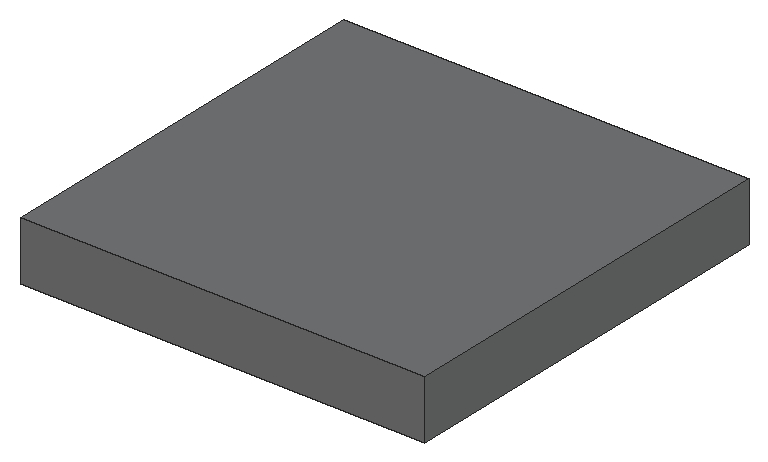
Revit family "Gira_027227", category Electrical Fixtures, host Face, Revit 2017
Family settings
  Host = Face
  Maintain Annotation Orientation = No
  Round Connector Dimension = Use Diameter
  Part Type = Normal
  Cut with Voids When Loaded = No
  Shared = No
  Room Calculation Point = No
Parameters (values of type "Abd. Tragring Geräte Ø 22,5 mm System 55 Reinweiß m")
  Zusammenstellung = "Zentralplatte"
  Werkstoffgüte = "sonstige"
  Werkstoff = "sonstige"
  Verwendung = "sonstige"
  URL = "http://katalog.gira.de/de_DE/datenblatt.html?artikelnr=027227"
  Transparent = "No"
  Tragring = "Yes"
  Region = "DE"
  RAL-Nummer (ähnlich) = "9010 "
  Oberfläche = "sonstige"
  Name = "Abd. Tragring Geräte Ø 22,5 mm System 55 Reinweiß m"
  Montageart = "unter Putz"
  Mit Zugentlastung = "No"
  Mit Staubschutz = "No"
  Mit Klappdeckel = "No"
  Mit Aufdruck = "No"
  Manufacturer URL = "https://www.gira.de/"
  Lüsterklemme = "No"
  Keynote = "Sys55_Abdeckung_Schalten und Tasten"
  HeinzeBIM = "https://bimportal.heinze.de/bim/abd-tragring-geraete-22-5-mm-system-55-reinweiss-m/b70757fe83e80d3b1673bbe0f7dc1953f93e2887"
  Halogenfrei = "Yes"
  HAN = "027227"
  Geeignet für Schutzart (IP) = "IP20"
  GTIN = "4010337272274"
  Farbe = "weiß"
  Default Elevation = 1219.2 mm
  Data sheet (1) = "https://katalog.gira.de/de_DE/download.html?artikelnr=027227"
  Category = "Einsatz/Abdeckung für Kommunikationstechnik"
  Beschriftungsfeld = "ohne Beschriftungsfeld"
  Befestigungsart = "Befestigung mit Schraube"
  Available = "Yes"
  Ausführung der Oberfläche = "matt"
  Anthrazit [instance] = Anthrazit
Reference planes
  plane 1 "Center (Front/Back)": y = 0
  plane 2: z = 0
  plane 3 "Center (Left/Right)": x = 0
Forms (mm)
  Extrusion 1, solid, material "Anthrazit" <- "Anthrazit", detail levels fine
    sketch origin (0, 0, 0) x (1, 0, 0) y (0, 1, 0)
      loop
        line (-27.5, 27.5) -> (-27.5, -27.5) -> (27.5, -27.5) -> (27.5, 27.5) -> (-27.5, 27.5)
    from 0 to 8
  Extrusion 2, void
    sketch origin (0, 0, 0) x (1, 0, 0) y (0, 1, 0)
      loop
        line (26, 26) -> (-26, 26) -> (-26, -26) -> (26, -26) -> (26, 26)
    from 0 to 6
  Extrusion 3, solid, material "Anthrazit" <- "Anthrazit", detail levels medium
    sketch origin (0, 0, 0) x (1, 0, 0) y (0, 1, 0)
      loop
        line (-27.5, 27.5) -> (-27.5, -27.5) -> (27.5, -27.5) -> (27.5, 27.5) -> (-27.5, 27.5)
    from 0 to 8
  Extrusion 4, solid, material "Anthrazit" <- "Anthrazit", detail levels medium
    sketch origin (0, 0, 0) x (1, 0, 0) y (0, 1, 0)
      loop
        line (11, -17.5) -> (11, 17.5) -> (-11, 17.5) -> (-11, -17.5) -> (11, -17.5)
    from -6 to 6
  Extrusion 5, solid, material "Anthrazit" <- "Anthrazit", detail levels fine
    sketch origin (0, 0, 0) x (1, 0, 0) y (0, 1, 0)
      loop
        line (11, 17.5) -> (-11, 17.5) -> (-11, 16.5) -> (11, 16.5) -> (11, 17.5)
      loop
        line (-11, -16.5) -> (-11, -17.5) -> (11, -17.5) -> (11, -16.5) -> (-11, -16.5)
    from -4 to 6
  Extrusion 6, solid, material "Anthrazit" <- "Anthrazit", detail levels fine
    sketch origin (0, 0, 0) x (1, 0, 0) y (0, 1, 0)
      loop
        arc (5, 9.347) -> (0, 10.6) -> (-5, 9.347) r 10.6
        line (-5, 9.347) -> (-5, -9.347)
        arc (-5, -9.347) -> (0, -10.6) -> (5, -9.347) r 10.6
        line (5, -9.347) -> (5, 9.347)
    from -6 to 6
  Extrusion 7, solid, material "Anthrazit" <- "Anthrazit", detail levels coarse
    sketch origin (0, 0, 0) x (1, 0, 0) y (0, 1, 0)
      loop
        line (-27.5, 27.5) -> (-27.5, -27.5) -> (27.5, -27.5) -> (27.5, 27.5) -> (-27.5, 27.5)
    from -6 to 8
Cuts and joins
  Extrusion 2 cuts Extrusion 1
Dimensions and locks
  aligned and locked: plane 2 to host face
  aligned and locked: level to host face
